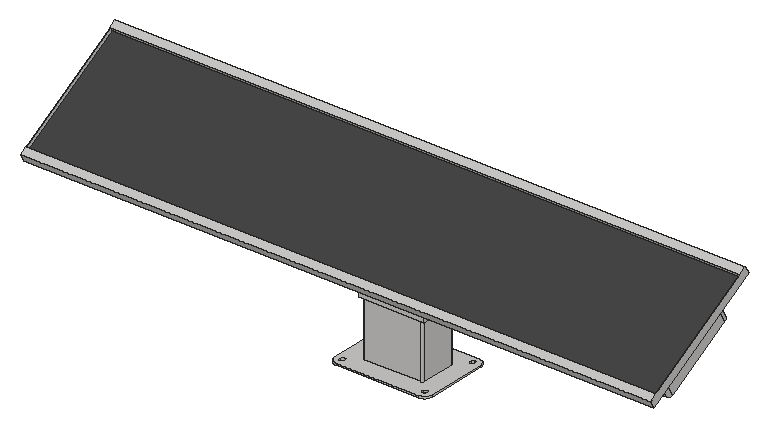
Revit family "Heater-Bromic-Platinum-Electric-Wall-Mounted_EU_ALL_2323", category Mechanical Equipment, host Face, Revit 2020
Family settings
  Host = Face
  Round Connector Dimension = Use Diameter
  Classification = None
  Part Type = Normal
  OmniClass Number = 23.75.10.14
  OmniClass Title = Independent Electric Heating Units
  Cut with Voids When Loaded = Yes
  Shared = No
  Room Calculation Point = No
Parameters (values of type "Platinum Electric - 2300W - 220V-240V - Black - Wall Mounted")
  calcWidth = if(Heater Type Selector = 1, 182.118 mm, if(Heater Type Selector = 2, 182.118 mm, 256.54 mm))  # 182.118 mm
  calcSuspendedHeight [instance] = 245 mm  # constant formula
  calcLength = if(Heater Type Selector = 1, 839.978 mm, if(Heater Type Selector = 2, 1275.08 mm, 1351.28 mm))  # 839.978 mm
  calcDepth = 54 mm  # constant formula
  Width = 177.8 mm  # constant formula
  Weight = if(Heater Type Selector = 1, 7.484 kg, if(Heater Type Selector = 2, 9.979 kg, 9.979 kg))  # 7.484 kg
  Wattage = if(Heater Type Selector = 1, 2300 W, if(Heater Type Selector = 2, 3400 W, 4500 W))  # 2300 W
  Voltage = 230 V  # constant formula
  Utility = no
  URL = "https://www.bromic.co.uk/product/platinum-smart-heat-electric/"
  ProductCode = "BH0320004"
  Product data url = "https://www.bimobject.com/bromic-heating/product/platinum-smart-heat-electric"
  Power Factor = 1
  Number of Poles = 1
  Mounting Type Info [instance] = "Wall Mounted - Angle Mount"  # constant formula
  Material = Metal-Steel-Stainless-Bromic
  Masking_2 = no
  Masking_1 = yes
  Load Sub-Classification Motor = no
  Load Classification = Power
  Length = if(Heater Type Selector = 2, 1275.08 mm, 838.2 mm)  # 838.2 mm
  Heater Type Selector = 1
  Screen Material = Ceramic-Tinted-Bromic-Black
  Show Clearance [instance] = no
  Model = "Platinum Smart-Heat™ Electric"  # constant formula
  Manufacturer = "Bromic Heating"  # constant formula
  Head Clearance = 152.4 mm  # constant formula
  Frequency = 50 Hz  # constant formula
  Floor Clearance = 1828.8 mm  # constant formula
  End Clearance = 304.8 mm  # constant formula
  Description = "The Platinum Smart-Heat™ Electric excels in efficiency, packing profound performance into a sleek package to suit high-end, style-centric settings. Designed specifically with low-clearance, semi-enclosed and aesthetically-focused spaces in mind, this heater minimizes light emission to blend seamlessly into rooflines with the aid of recess kits or stylishly mount to a number of other surfaces."  # constant formula
  Depth = 50.8 mm  # constant formula
  Default Elevation = 1219.2 mm
  Connector Description = ""
  Approximate Heat Area = if(Heater Type Selector = 1, 6.00 m², if(Heater Type Selector = 2, 10.00 m², 12.00 m²))  # 6.00 m²
  Apparent Load = if(Heater Type Selector = 1, 2300 VA, if(Heater Type Selector = 2, 3400 VA, 4500 VA))  # 2300 VA
  Angle [instance] = 60.00°  # constant formula
Types (6, lengths in mm): name | calcWidth | calcLength | Weight | Wattage | ProductCode | Masking_2 | Masking_1 | Length | Heater Type Selector | Screen Material | Approximate Heat Area | Apparent Load
  Platinum Electric - 4500W - 220V-240V - White - Wall Mounted | 256.54 | 1351.28 | 9.979 kg | 4500 W | "BH3622001" | yes | no | 838.2 | 3 | Ceramic-Tinted-Bromic-White | 12.00 m² | 4500 VA
  Platinum Electric - 4500W - 220V-240V - Black - Wall Mounted | 256.54 | 1351.28 | 9.979 kg | 4500 W | "BH3622000" | yes | no | 838.2 | 3 | Ceramic-Tinted-Bromic-Black | 12.00 m² | 4500 VA
  Platinum Electric - 3400W - 220V-240V - White - Wall Mounted | 182.118 | 1275.08 | 9.979 kg | 3400 W | "BH0320010" | no | yes | 1275.08 | 2 | Ceramic-Tinted-Bromic-White | 10.00 m² | 3400 VA
  Platinum Electric - 3400W - 220V-240V - Black - Wall Mounted | 182.118 | 1275.08 | 9.979 kg | 3400 W | "BH0320006" | no | yes | 1275.08 | 2 | Ceramic-Tinted-Bromic-Black | 10.00 m² | 3400 VA
  Platinum Electric - 2300W - 220V-240V - White - Wall Mounted | 182.118 | 839.978 | 7.484 kg | 2300 W | "BH0320009" | no | yes | 838.2 | 1 | Ceramic-Tinted-Bromic-White | 6.00 m² | 2300 VA
  Platinum Electric - 2300W - 220V-240V - Black - Wall Mounted | 182.118 | 839.978 | 7.484 kg | 2300 W | "BH0320004" | no | yes | 838.2 | 1 | Ceramic-Tinted-Bromic-Black | 6.00 m² | 2300 VA
Reference planes
  plane 1 "Center (Front/Back)": y = 0
  plane 2: z = 0
  plane 3 "Center (Left/Right)": x = 0
  plane 4: z = 189
  plane 5: z = 245
  plane 6: x = -419.989
  plane 7: x = -724.789
  plane 8: x = 419.989
  plane 9: x = 724.789
  plane 10: y = 91.059
  plane 11: y = -91.059
  plane 12: y = 195.4
  plane 13: y = -1950.8
  plane 14: z = 2
  plane 15: z = 119.963
  plane 16: z = 191
  plane 17: x = -434.989
  plane 18: x = 434.989
  plane 19: y = -14.6
  plane 20: z = 153
  plane 21: y = 43
  plane 22: y = -122
Forms (mm)
  Extrusion 1, solid, material "Metal-Steel-Stainless-Bromic" <- "Material", detail levels coarse+medium
    sketch origin (0, 0, 0) x (1, 0, 0) y (0, 1, 0)
      loop
        arc (-65, -40) -> (-62.071, -47.071) -> (-55, -50) r 10
        line (-55, -50) -> (55, -50)
        arc (55, -50) -> (62.071, -47.071) -> (65, -40) r 10
        line (65, -40) -> (65, 40)
        arc (65, 40) -> (62.071, 47.071) -> (55, 50) r 10
        line (55, 50) -> (-55, 50)
        arc (-55, 50) -> (-62.071, 47.071) -> (-65, 40) r 10
        line (-65, 40) -> (-65, -40)
    from 0 to 2
  Extrusion 2, solid, material "Metal-Steel-Stainless-Bromic" <- "Material", detail levels fine
    sketch origin (0, 0, 0) x (1, 0, 0) y (0, 1, 0)
      loop
        arc (-65, -40) -> (-62.071, -47.071) -> (-55, -50) r 10
        line (-55, -50) -> (55, -50)
        arc (55, -50) -> (62.071, -47.071) -> (65, -40) r 10
        line (65, -40) -> (65, 40)
        arc (65, 40) -> (62.071, 47.071) -> (55, 50) r 10
        line (55, 50) -> (-55, 50)
        arc (-55, 50) -> (-62.071, 47.071) -> (-65, 40) r 10
        line (-65, 40) -> (-65, -40)
      loop
        circle (-55, -40) r 3.25
      loop
        circle (55, -40) r 3.25
      loop
        circle (55, 40) r 3.25
      loop
        circle (-55, 40) r 3.25
    from 0 to 2
  Extrusion 3, solid, material "Metal-Steel-Stainless-Bromic" <- "Material"
    sketch origin (0, 0, -30.5) x (0, 1, 0) y (0, 0, 1)
      loop
        line (27, 105.5) -> (27, 161.447) -> (8.051, 194.268) -> (-35.251, 169.268) -> (-27, 154.977) -> (-27, 105.5) -> (27, 105.5)
    from -43 to 43
  Extrusion 4, solid, material "Metal-Steel-Stainless-Bromic" <- "Material"
    sketch origin (0, 64.8, 0) x (1, 0, 0) y (0, 1, 0)
      loop
        line (-40, -41.8) -> (-40, -86.8)
        arc (-40, -86.8) -> (-39.121, -88.921) -> (-37, -89.8) r 3
        line (-37, -89.8) -> (37, -89.8)
        arc (37, -89.8) -> (39.121, -88.921) -> (40, -86.8) r 3
        line (40, -86.8) -> (40, -41.8)
        arc (40, -41.8) -> (39.414, -40.386) -> (38, -39.8) r 2
        line (38, -39.8) -> (-38, -39.8)
        arc (-38, -39.8) -> (-39.414, -40.386) -> (-40, -41.8) r 2
    from 2 to 75
  Extrusion 5, solid, material "Metal-Steel-Stainless-Bromic" <- "Material"
    sketch origin (0, 0, 0) x (0, 1, 0) y (0, 0, 1)
      loop
        line (25.371, 173.768) -> (24.371, 175.5) -> (-53.571, 130.5) -> (-52.571, 128.768) -> (25.371, 173.768)
    from -70 to 70
Lines and regions (mm)
  Masking region 1, visible <- "Masking_1"
    outline origin (0, 0, 0) x (1, 0, 0) y (0, 0, 1)
      loop
        line (419.989, 235.769) -> (419.989, 245.295) -> (-419.989, 245.295) -> (-419.989, 235.769) -> (419.989, 235.769)
  Masking region 2, visible <- "Masking_1"
    outline origin (0, 0, 0) x (1, 0, 0) y (0, 0, 1)
      loop
        spline (394.989, 180.53) -> (395.642, 180.508) -> (396.283, 180.444) -> (396.902, 180.339) -> (397.489, 180.195) -> (398.033, 180.013) -> (398.525, 179.797) -> (398.956, 179.551) -> (399.319, 179.28) -> (399.608, 178.986) -> (399.819, 178.677) -> (399.946, 178.356) -> (399.989, 178.03)
        line (399.989, 178.03) -> (399.989, 215.269)
        spline (399.989, 215.269) -> (399.946, 215.595) -> (399.819, 215.916) -> (399.608, 216.225) -> (399.319, 216.519) -> (398.956, 216.79) -> (398.525, 217.036) -> (398.033, 217.252) -> (397.489, 217.434) -> (396.902, 217.578) -> (396.283, 217.683) -> (395.642, 217.747) -> (394.989, 217.769)
        line (394.989, 217.769) -> (-394.989, 217.769)
        spline (-394.989, 217.769) -> (-395.642, 217.747) -> (-396.283, 217.683) -> (-396.902, 217.578) -> (-397.489, 217.434) -> (-398.033, 217.252) -> (-398.525, 217.036) -> (-398.956, 216.79) -> (-399.319, 216.519) -> (-399.608, 216.225) -> (-399.819, 215.916) -> (-399.946, 215.595) -> (-399.989, 215.269)
        line (-399.989, 215.269) -> (-399.989, 178.03)
        spline (-399.989, 178.03) -> (-399.946, 178.356) -> (-399.819, 178.677) -> (-399.608, 178.986) -> (-399.319, 179.28) -> (-398.956, 179.551) -> (-398.525, 179.797) -> (-398.033, 180.013) -> (-397.489, 180.195) -> (-396.902, 180.339) -> (-396.283, 180.444) -> (-395.642, 180.508) -> (-394.989, 180.53)
        line (-394.989, 180.53) -> (394.989, 180.53)
  Masking region 3, visible <- "Masking_1"
    outline origin (0, 0, 0) x (1, 0, 0) y (0, 0, 1)
      loop
        line (399.989, 215.512) -> (399.989, 144.71) -> (419.989, 144.71) -> (419.989, 235.769) -> (-419.989, 235.769) -> (-419.989, 144.71) -> (-400.094, 144.71) -> (-400.094, 215.324)
        arc (-400.094, 215.324) -> (-398.348, 217.145) -> (-395.904, 217.769) r 4.592
        line (-395.904, 217.769) -> (395.904, 217.769)
        arc (395.904, 217.769) -> (398.255, 217.198) -> (399.989, 215.512) r 4.592
  Masking region 4
    outline origin (0, 0, 0) x (1, 0, 0) y (0, 0, 1)
      loop
        line (40, 2) -> (40, 75) -> (43, 75) -> (43, 128.768) -> (70, 128.768) -> (70, 175.5) -> (-70, 175.5) -> (-70, 128.768) -> (-43, 128.768) -> (-43, 75) -> (-40, 75) -> (-40, 2) -> (-65, 2) -> (-65, 0) -> (65, 0) -> (65, 2) -> (40, 2)
  Masking region 5, visible <- "Masking_1"
    outline origin (0, 0, 0) x (1, 0, 0) y (0, 0, 1)
      loop
        line (399.989, 127.971) -> (399.989, 178.273)
        arc (399.989, 178.273) -> (398.255, 179.959) -> (395.904, 180.53) r 4.592
        line (395.904, 180.53) -> (-395.904, 180.53)
        arc (-395.904, 180.53) -> (-398.255, 179.959) -> (-399.989, 178.273) r 4.592
        line (-399.989, 178.273) -> (-399.989, 127.971)
        spline (-399.989, 127.971) -> (-399.946, 127.644) -> (-399.819, 127.323) -> (-399.608, 127.014) -> (-399.319, 126.721) -> (-398.956, 126.449) -> (-398.525, 126.203) -> (-398.033, 125.987) -> (-397.489, 125.805) -> (-396.902, 125.661) -> (-396.283, 125.556) -> (-395.642, 125.492) -> (-394.989, 125.471)
        line (-394.989, 125.471) -> (-43, 125.471) -> (-43, 128.768) -> (-70, 128.768) -> (-70, 175.5) -> (70, 175.5) -> (70, 128.768) -> (43, 128.768) -> (43, 125.471) -> (394.989, 125.471)
        spline (394.989, 125.471) -> (395.642, 125.492) -> (396.283, 125.556) -> (396.902, 125.661) -> (397.489, 125.805) -> (398.033, 125.987) -> (398.525, 126.203) -> (398.956, 126.449) -> (399.319, 126.721) -> (399.608, 127.014) -> (399.819, 127.323) -> (399.946, 127.644) -> (399.989, 127.971)
  Masking region 6, visible <- "Masking_2"
    outline origin (0, 0, 0) x (1, 0, 0) y (0, 0, 1)
      loop
        line (419.989, 254.374) -> (419.989, 263.9) -> (-419.989, 263.9) -> (-419.989, 254.374) -> (419.989, 254.374)
  Masking region 7, visible <- "Masking_2"
    outline origin (0, 0, 18.606) x (1, 0, 0) y (0, 0, 1)
      loop
        spline (394.989, 180.53) -> (395.642, 180.508) -> (396.283, 180.444) -> (396.902, 180.339) -> (397.489, 180.195) -> (398.033, 180.013) -> (398.525, 179.797) -> (398.956, 179.551) -> (399.319, 179.28) -> (399.608, 178.986) -> (399.819, 178.677) -> (399.946, 178.356) -> (399.989, 178.03)
        line (399.989, 178.03) -> (399.989, 215.269)
        spline (399.989, 215.269) -> (399.946, 215.595) -> (399.819, 215.916) -> (399.608, 216.225) -> (399.319, 216.519) -> (398.956, 216.79) -> (398.525, 217.036) -> (398.033, 217.252) -> (397.489, 217.434) -> (396.902, 217.578) -> (396.283, 217.683) -> (395.642, 217.747) -> (394.989, 217.769)
        line (394.989, 217.769) -> (-394.989, 217.769)
        spline (-394.989, 217.769) -> (-395.642, 217.747) -> (-396.283, 217.683) -> (-396.902, 217.578) -> (-397.489, 217.434) -> (-398.033, 217.252) -> (-398.525, 217.036) -> (-398.956, 216.79) -> (-399.319, 216.519) -> (-399.608, 216.225) -> (-399.819, 215.916) -> (-399.946, 215.595) -> (-399.989, 215.269)
        line (-399.989, 215.269) -> (-399.989, 178.03)
        spline (-399.989, 178.03) -> (-399.946, 178.356) -> (-399.819, 178.677) -> (-399.608, 178.986) -> (-399.319, 179.28) -> (-398.956, 179.551) -> (-398.525, 179.797) -> (-398.033, 180.013) -> (-397.489, 180.195) -> (-396.902, 180.339) -> (-396.283, 180.444) -> (-395.642, 180.508) -> (-394.989, 180.53)
        line (-394.989, 180.53) -> (394.989, 180.53)
  Masking region 8, visible <- "Masking_2"
    outline origin (0, 0, 18.605) x (1, 0, 0) y (0, 0, 1)
      loop
        line (399.989, 215.512) -> (399.989, 107.499) -> (419.989, 107.499) -> (419.989, 235.769) -> (-419.989, 235.769) -> (-419.989, 107.499) -> (-400.094, 107.499) -> (-400.094, 215.324)
        arc (-400.094, 215.324) -> (-398.348, 217.145) -> (-395.904, 217.769) r 4.592
        line (-395.904, 217.769) -> (395.904, 217.769)
        arc (395.904, 217.769) -> (398.255, 217.198) -> (399.989, 215.512) r 4.592
  Masking region 9, visible <- "Masking_2"
    outline origin (0, 0, 0) x (1, 0, 0) y (0, 0, 1)
      loop
        line (399.989, 109.365) -> (399.989, 196.878)
        arc (399.989, 196.878) -> (398.255, 198.564) -> (395.904, 199.135) r 4.592
        line (395.904, 199.135) -> (-395.904, 199.135)
        arc (-395.904, 199.135) -> (-398.255, 198.564) -> (-399.989, 196.878) r 4.592
        line (-399.989, 196.878) -> (-399.989, 109.365)
        spline (-399.989, 109.365) -> (-399.946, 109.039) -> (-399.819, 108.718) -> (-399.608, 108.408) -> (-399.319, 108.115) -> (-398.956, 107.843) -> (-398.525, 107.597) -> (-398.033, 107.382) -> (-397.489, 107.2) -> (-396.902, 107.055) -> (-396.283, 106.95) -> (-395.642, 106.886) -> (-394.989, 106.865)
        line (-394.989, 106.865) -> (-43, 106.865) -> (-43, 128.768) -> (-70, 128.768) -> (-70, 175.5) -> (70, 175.5) -> (70, 128.768) -> (43, 128.768) -> (43, 106.865) -> (394.989, 106.865)
        spline (394.989, 106.865) -> (395.642, 106.886) -> (396.283, 106.95) -> (396.902, 107.055) -> (397.489, 107.2) -> (398.033, 107.382) -> (398.525, 107.597) -> (398.956, 107.843) -> (399.319, 108.115) -> (399.608, 108.408) -> (399.819, 108.718) -> (399.946, 109.039) -> (399.989, 109.365)
  reference lines
    curve 1: line (0, -14.6, 153) -> (0, -9.791, 144.67)
    curve 2: line (0, -14.6, 153) -> (0, -9.363, 156.023)
  symbolic lines
    curve 3: line (40, 0, 2) -> (-40, 0, 2)
    curve 4: line (40, 0, 75) -> (-40, 0, 75)
    curve 5: line (-43, 0, 130.947) -> (-43, 0, 163.768)
    curve 6: line (-43, 0, 163.768) -> (43, 0, 163.768)
    curve 7: line (43, 0, 163.768) -> (43, 0, 130.947)
    curve 8: line (70, 0, 173.768) -> (-70, 0, 173.768)
    curve 9: line (43, 0, 130.947) -> (-43, 0, 130.947)
    curve 10: line (43, 0, 130.947) -> (43, 0, 128.768)
    curve 11: line (-43, 0, 130.947) -> (-43, 0, 128.768)
Dimensions and locks
  equal spacing: plane 8, plane 3 "Center (Left/Right)", plane 6
  "calcLength": plane 8 to plane 6
  "End Clearance": plane 6 to plane 7
  "End Clearance": plane 9 to plane 8
  equal spacing: plane 11, plane 1 "Center (Front/Back)", plane 10
  "calcWidth": plane 11 to plane 10
  "Head Clearance": plane 21 to plane 12
  "Floor Clearance": plane 13 to plane 22
  locked: plane 2 to plane 14 at 2
  plane 15 to plane 4 to plane 16 to plane 5 = 69.038 mm locked, 2 mm locked, 54 mm
  "calcSuspendedHeight": plane 2 to plane 5
  locked: plane 17 to plane 6 at 15
  locked: plane 8 to plane 18 at 15
  locked: plane 1 "Center (Front/Back)" to plane 19 at 14.6
  locked: plane 16 to plane 20 at 38
  Extrusion 3 sketch curve to Extrusion 3 sketch curve to Extrusion 3 sketch curve to Extrusion 3 sketch curve to Extrusion 3 sketch curve to plane 16 = 49.477 mm locked, 6.469 mm locked, 7.821 mm locked, 25 mm locked, 27.232 mm locked
  Extrusion 4 sketch curve to plane 1 "Center (Front/Back)" to Extrusion 4 sketch curve = 25 mm locked, 25 mm locked
  Extrusion 2 sketch curve to plane 1 "Center (Front/Back)" to Extrusion 2 sketch curve = 50 mm locked, 50 mm locked
  Extrusion 2 sketch curve to plane 3 "Center (Left/Right)" to Extrusion 2 sketch curve = 65 mm locked, 65 mm locked
  Extrusion 1 sketch curve to plane 1 "Center (Front/Back)" to Extrusion 1 sketch curve = 50 mm locked, 50 mm locked
  Extrusion 1 sketch curve to plane 3 "Center (Left/Right)" to Extrusion 1 sketch curve = 65 mm locked, 65 mm locked
  locked: plane 21 to plane 1 "Center (Front/Back)" at 43
  locked: plane 21 to plane 22 at 165
  locked: Extrusion 5 sketch curve to Extrusion 3 at 20  (x2)
  locked: Extrusion 5 sketch curve to Extrusion 5 sketch curve at 2
  "Angle": angle plane 2 to curve 1
  locked: curve 2 to curve 1 (angle 90.00°)
  locked: Extrusion 5 sketch curve to Extrusion 5 sketch curve (angle 90.00°)  (x3)
  aligned and locked: plane 2 to host face
  aligned and locked: level to host face
  aligned and locked: plane 2 to nested 2
  aligned and locked: nested 2 to plane 7
  aligned and locked: plane 9 to nested 2
  aligned and locked: nested 2 to plane 12
  aligned and locked: nested 2 to plane 13
  aligned and locked: Extrusion 2 to plane 14
  aligned and locked: Extrusion 1 to plane 14
  aligned and locked: Extrusion 2 to plane 2
  aligned and locked: Extrusion 1 to plane 2
  aligned and locked: plane 19 to curve 1
  aligned and locked: nested 1 to curve 1
  aligned and locked: nested 1 to plane 3 "Center (Left/Right)"
  aligned and locked: plane 14 to Extrusion 4
  aligned and locked: Extrusion 4 to Extrusion 3
  aligned and locked: plane 20 to curve 2
  aligned and locked: Extrusion 5 sketch curve to Extrusion 3
  aligned and locked: nested 2 to plane 5
Automatic sketch dimensions
  host sketch curve to host sketch curve = 2438.4 mm  (x2)
  Extrusion 1 sketch curve to Extrusion 1 sketch curve = 10 mm  (x3)
  Extrusion 1 sketch curve to plane 1 "Center (Front/Back)" = 40 mm
  plane 3 "Center (Left/Right)" to Extrusion 2 sketch curve = 55 mm
  Extrusion 4 sketch curve to Extrusion 4 sketch curve = 2 mm  (x2)
  Extrusion 4 sketch curve to Extrusion 4 sketch curve = 3 mm  (x2)
  Extrusion 2 sketch curve to Extrusion 2 sketch curve = 0 mm  (x8)
  Extrusion 2 sketch curve to Extrusion 2 sketch curve = 10 mm  (x3)
  Extrusion 3 sketch curve to plane 19 = 20.651 mm
  Extrusion 3 sketch curve to Extrusion 3 sketch curve = 8.251 mm
  Extrusion 4 sketch curve to plane 3 "Center (Left/Right)" = 40 mm
  plane 3 "Center (Left/Right)" to Extrusion 4 sketch curve = 37 mm
  Masking region 1 sketch curve to plane 6 = 0 mm
  Masking region 1 sketch curve to plane 8 = 0 mm
  plane 5 to Masking region 1 sketch curve = 9.231 mm
  Masking region 1 sketch curve to plane 5 = 0.295 mm
  plane 6 to Masking region 2 sketch curve = 20 mm
  Masking region 2 sketch curve to Masking region 2 sketch curve = 5 mm  (x4)
  Masking region 2 sketch curve to plane 8 = 25 mm
  Masking region 2 sketch curve to plane 4 = 8.471 mm
  Masking region 2 sketch curve to Masking region 2 sketch curve = 2.5 mm  (x3)
  Masking region 2 sketch curve to plane 16 = 24.269 mm
  Masking region 2 sketch curve to plane 16 = 26.769 mm
  Masking region 3 sketch curve to plane 6 = 0 mm
  Masking region 3 sketch curve to plane 8 = 0 mm
  Masking region 3 sketch curve to plane 20 = 8.29 mm  (x2)
  Masking region 3 sketch curve to Masking region 3 sketch curve = 19.895 mm
  Masking region 3 sketch curve to Masking region 3 sketch curve = 4.06 mm
  Masking region 3 sketch curve to Masking region 3 sketch curve = 0.13 mm  (x2)
  Masking region 3 sketch curve to plane 8 = 24.085 mm
  Masking region 3 sketch curve to plane 16 = 22.179 mm  (x2)
  Masking region 3 sketch curve to Masking region 3 sketch curve = 2.145 mm
  plane 5 to Masking region 3 sketch curve = 9.231 mm
  Masking region 3 sketch curve to Masking region 3 sketch curve = 3.955 mm
  Masking region 4 sketch curve to level = 0 mm
  Masking region 4 sketch curve to plane 14 = 0 mm  (x2)
  Masking region 4 sketch curve to plane 15 = 8.805 mm  (x2)
  Masking region 4 sketch curve to plane 3 "Center (Left/Right)" = 70 mm
  Masking region 4 sketch curve to plane 3 "Center (Left/Right)" = 65 mm
  Masking region 4 sketch curve to Masking region 4 sketch curve = 27 mm  (x2)
  Masking region 4 sketch curve to Masking region 4 sketch curve = 3 mm  (x2)
  plane 3 "Center (Left/Right)" to Masking region 4 sketch curve = 43 mm
  plane 3 "Center (Left/Right)" to Masking region 4 sketch curve = 65 mm
  Masking region 4 sketch curve to plane 4 = 13.5 mm
  plane 15 to Masking region 4 sketch curve = 44.963 mm  (x2)
  curve 3 to plane 14 = 0 mm
  curve 9 to plane 15 = 10.984 mm
  curve 9 to plane 3 "Center (Left/Right)" = 43 mm
  plane 3 "Center (Left/Right)" to curve 9 = 43 mm
  plane 20 to curve 6 = 10.768 mm
  curve 8 to curve 5 = 27 mm
  curve 3 to plane 3 "Center (Left/Right)" = 40 mm
  curve 4 to plane 3 "Center (Left/Right)" = 40 mm
  plane 3 "Center (Left/Right)" to curve 3 = 40 mm
  plane 3 "Center (Left/Right)" to curve 4 = 40 mm
  curve 6 to curve 8 = 27 mm
  plane 15 to curve 4 = 44.963 mm
  curve 10 to curve 7 = 2.179 mm
  curve 11 to curve 5 = 2.179 mm
  curve 8 to plane 4 = 15.232 mm
  Masking region 5 sketch curve to plane 15 = 8.008 mm
  plane 6 to Masking region 5 sketch curve = 20 mm
  Masking region 5 sketch curve to Masking region 5 sketch curve = 3.955 mm
  Masking region 5 sketch curve to Masking region 5 sketch curve = 0.13 mm  (x2)
  Masking region 5 sketch curve to Masking region 5 sketch curve = 5 mm  (x2)
  Masking region 5 sketch curve to plane 4 = 13.5 mm
  Masking region 5 sketch curve to plane 3 "Center (Left/Right)" = 70 mm
  Masking region 5 sketch curve to plane 15 = 5.508 mm  (x2)
  Masking region 5 sketch curve to Masking region 5 sketch curve = 27 mm  (x2)
  plane 3 "Center (Left/Right)" to Masking region 5 sketch curve = 43 mm
  Masking region 5 sketch curve to plane 8 = 25 mm
  Masking region 5 sketch curve to plane 4 = 8.471 mm
  Masking region 5 sketch curve to plane 8 = 24.085 mm
  Masking region 5 sketch curve to Masking region 5 sketch curve = 2.5 mm
  Masking region 5 sketch curve to plane 15 = 8.805 mm
  Masking region 5 sketch curve to Masking region 5 sketch curve = 3.297 mm
  Masking region 5 sketch curve to Masking region 5 sketch curve = 4.59 mm  (x2)
  plane 6 to Masking region 7 sketch curve = 20 mm
  Masking region 7 sketch curve to Masking region 7 sketch curve = 5 mm  (x3)
  Masking region 7 sketch curve to plane 8 = 25 mm  (x2)
  plane 5 to Masking region 7 sketch curve = 48.365 mm  (x2)
  Masking region 7 sketch curve to Masking region 7 sketch curve = 2.5 mm  (x2)
  Masking region 7 sketch curve to Masking region 7 sketch curve = 34.739 mm  (x2)
  plane 6 to Masking region 9 sketch curve = 20 mm
  Masking region 9 sketch curve to Masking region 9 sketch curve = 3.955 mm  (x2)
  Masking region 9 sketch curve to Masking region 9 sketch curve = 0.13 mm  (x2)
  Masking region 9 sketch curve to Masking region 9 sketch curve = 5 mm
  Masking region 9 sketch curve to plane 3 "Center (Left/Right)" = 70 mm
  Masking region 9 sketch curve to Masking region 9 sketch curve = 27 mm  (x2)
  plane 3 "Center (Left/Right)" to Masking region 9 sketch curve = 43 mm
  Masking region 9 sketch curve to plane 8 = 25 mm
  Masking region 9 sketch curve to plane 8 = 24.085 mm
  plane 5 to Masking region 9 sketch curve = 138.135 mm
  Masking region 9 sketch curve to Masking region 9 sketch curve = 0 mm
  Masking region 9 sketch curve to Masking region 9 sketch curve = 2.5 mm  (x2)
  Masking region 9 sketch curve to Masking region 9 sketch curve = 21.903 mm  (x2)
  Masking region 9 sketch curve to Masking region 9 sketch curve = 46.732 mm
  Masking region 9 sketch curve to Masking region 9 sketch curve = 85.18 mm  (x2)
  Masking region 9 sketch curve to Masking region 9 sketch curve = 2.333 mm
  Masking region 6 sketch curve to plane 6 = 0 mm
  Masking region 6 sketch curve to plane 8 = 0 mm
  Masking region 6 sketch curve to plane 5 = 9.374 mm
  Masking region 6 sketch curve to Masking region 6 sketch curve = 9.526 mm
  Masking region 8 sketch curve to plane 6 = 0 mm
  Masking region 8 sketch curve to plane 8 = 0 mm
  Masking region 8 sketch curve to plane 15 = 6.142 mm  (x2)
  Masking region 8 sketch curve to Masking region 8 sketch curve = 19.895 mm
  Masking region 8 sketch curve to Masking region 8 sketch curve = 4.06 mm
  Masking region 8 sketch curve to Masking region 8 sketch curve = 0.13 mm  (x2)
  plane 5 to Masking region 8 sketch curve = 8.626 mm
  Masking region 8 sketch curve to plane 8 = 24.085 mm
  Masking region 8 sketch curve to Masking region 8 sketch curve = 3.955 mm
  Masking region 8 sketch curve to Masking region 8 sketch curve = 4.59 mm  (x2)
  Masking region 8 sketch curve to plane 5 = 9.374 mm
  radius of Extrusion 2 sketch curve = 3.25 mm  (x4)
Nested families
  nested 1: "X-Heater-Electric-Bromic-Smart Heat-Platinum" at (0, -14.6, 153) x (-1, 0, 0) z (0, -0.5, 0.866), type "X-Heater-Electric-Bromic-Smart Heat-Platinum"
    with Width_ANZRS 182.118 mm, Length_ANZRS 839.978 mm
  nested 2: "Clearance Zone" at (0, -877.7, 0), visible <- "Show Clearance", type "Standard"
    with Width 1449.578 mm, Height 245 mm, Equipment Finish Clearance Zone, Depth 2146.2 mm
Connectors
  electrical at (0, -14.6, 153), driven by "Voltage", driven by "Apparent Load", driven by "Power Factor", driven by "Number of Poles", driven by "Load Classification", driven by "Load Sub-Classification Motor", driven by "Utility", driven by "Connector Description"
    settings: on nested 1, index 1, voltage 230 V, apparent load 2300 VA, apparent load phase1 0 VA, apparent load phase2 0 VA, apparent load phase3 0 VA, power factor 1, load classification "Power", number of poles 1, system type 30, power factor state 1, is connector primary yes, connector utility no, sub classification motor no, connector description ""
Definition of nested family "X-Heater-Electric-Bromic-Smart Heat-Platinum"
  Parameters (values of type "X-Heater-Electric-Bromic-Smart Heat-Platinum")
    Width_ANZRS = 182 mm
    Screen Material = none
    Material_ANZRS = none
    Length_ANZRS = 840 mm
    Depth_ANZRS = 54 mm
    Default Elevation = 1219.2 mm
  Reference planes
    plane 1 "Center (Front/Back)": y = 0
    plane 2: z = 0
    plane 3 "Center (Left/Right)": x = 0
    plane 4: x = -420
    plane 5: x = 420
    plane 6: y = 91
    plane 7: y = -91
    plane 8: z = 54
    plane 9: z = 43
    plane 10: z = 50
  Forms (mm)
    Extrusion 1, solid
      sketch origin (0, 0, 0) x (1, 0, 0) y (0, 1, 0)
        loop
          line (-1219.2, 1219.2) -> (-1219.2, -1219.2) -> (1219.2, -1219.2) -> (1219.2, 1219.2) -> (-1219.2, 1219.2)
      from 0 to -304.8
    Extrusion 2, solid, material <- "Material_ANZRS"
      sketch origin (0, 0, 0) x (1, 0, 0) y (0, 1, 0)
        loop
          arc (-395, 55) -> (-398.536, 53.536) -> (-400, 50) r 5
          line (-400, 50) -> (-400, -50)
          arc (-400, -50) -> (-398.536, -53.536) -> (-395, -55) r 5
          line (-395, -55) -> (395, -55)
          arc (395, -55) -> (398.536, -53.536) -> (400, -50) r 5
          line (400, -50) -> (400, 50)
          arc (400, 50) -> (398.536, 53.536) -> (395, 55) r 5
          line (395, 55) -> (-395, 55)
      from 0 to 43
    Extrusion 3, solid, material <- "Material_ANZRS"
      sketch origin (0, 0, 0) x (0, 1, 0) y (0, 0, 1)
        loop
          line (91, 54) -> (80.75, 54) -> (80.75, 44.5) -> (-80.75, 44.5) -> (-80.75, 54) -> (-91, 54) -> (-91, 43) -> (91, 43) -> (91, 54)
      from -420 to 420
    Extrusion 4, solid, material <- "Screen Material"
      sketch origin (0, 0, 0) x (1, 0, 0) y (0, 1, 0)
        loop
          line (-417, 80.75) -> (-417, -80.75) -> (417, -80.75) -> (417, 80.75) -> (-417, 80.75)
      from 44.5 to 50
    Extrusion 5, solid, material <- "Material_ANZRS"
      sketch origin (0, 0, 0) x (1, 0, 0) y (0, 0, 1)
        loop
          line (-420, 52) -> (-420, 44.5) -> (-419, 44.5) -> (-419, 52) -> (-420, 52)
        loop
          line (420, 52) -> (419, 52) -> (419, 44.5) -> (420, 44.5) -> (420, 52)
      from -80.75 to 80.75
  Cuts and joins
    joined: Extrusion 3, Extrusion 5
  Dimensions and locks
    equal spacing: plane 4, plane 3 "Center (Left/Right)", plane 5
    "Length_ANZRS": plane 4 to plane 5
    equal spacing: plane 7, plane 1 "Center (Front/Back)", plane 6
    "Width_ANZRS": plane 7 to plane 6
    "Depth_ANZRS": plane 8 to plane 2
    locked: plane 7 to Extrusion 2 sketch curve at 36
    locked: plane 4 to Extrusion 2 sketch curve at 20
    locked: Extrusion 2 sketch curve to plane 6 at 36
    locked: Extrusion 2 sketch curve to plane 5 at 20
    locked: plane 8 to plane 9 at 11
    locked: Extrusion 3 sketch curve to plane 7 at 10.25
    locked: plane 6 to Extrusion 3 sketch curve at 10.25
    locked: Extrusion 3 sketch curve to plane 9 at 1.5
    locked: plane 4 to Extrusion 4 sketch curve at 3
    locked: Extrusion 4 sketch curve to plane 5 at 3
    locked: plane 8 to plane 10 at 4
    locked: Extrusion 5 sketch curve to plane 10 at 2  (x2)
    locked: Extrusion 5 sketch curve to plane 4 at 1
    locked: plane 5 to Extrusion 5 sketch curve at 1
    aligned and locked: plane 2 to Extrusion 1
    aligned and locked: level to Extrusion 1
    aligned and locked: Extrusion 2 to plane 2
    aligned and locked: plane 9 to Extrusion 2
    aligned and locked: plane 7 to Extrusion 3 sketch curve
    aligned and locked: plane 9 to Extrusion 3 sketch curve
    aligned and locked: plane 8 to Extrusion 3 sketch curve
    aligned and locked: Extrusion 3 sketch curve to plane 8
    aligned and locked: plane 6 to Extrusion 3 sketch curve
    aligned and locked: plane 5 to Extrusion 3
    aligned and locked: Extrusion 3 to plane 4
    aligned and locked: Extrusion 3 to Extrusion 4 sketch curve  (x2)
    aligned and locked: Extrusion 4 to Extrusion 3
    aligned and locked: Extrusion 4 to plane 10
    aligned and locked: Extrusion 3 to Extrusion 5 sketch curve
    aligned and locked: plane 4 to Extrusion 5 sketch curve
    aligned and locked: plane 5 to Extrusion 5 sketch curve
    aligned and locked: Extrusion 5 sketch curve to Extrusion 3
    aligned and locked: Extrusion 5 to Extrusion 3  (x2)
  Automatic sketch dimensions
    Extrusion 1 sketch curve to Extrusion 1 sketch curve = 2438.4 mm  (x2)
    Extrusion 2 sketch curve to Extrusion 2 sketch curve = 5 mm  (x4)
Definition of nested family "Clearance Zone"
  Parameters (values of type "Standard")
    Width [instance] = 800 mm
    URL = ""
    Manufacturer = ""
    Height [instance] = 580 mm
    Equipment Finish [instance] = none
    Depth [instance] = 1400 mm
    Default Elevation = 0 mm
    Clearance Offset Top = 0 mm
    Clearance Offset Right = 0 mm
    Clearance Offset Left = 0 mm
    Clearance Offset Front = 0 mm
    Clearance Offset Bottom = 0 mm
    Clearance Offset Back = 0 mm
    Assembly Code = ""
  Reference planes
    plane 1 "Center (Front/Back)": y = 0
    plane 2 "Bottom": z = 0
    plane 3 "Center (Left/Right)": x = 0
    plane 4 "Left": x = -400
    plane 5 "Back": y = 700
    plane 6 "Right": x = 400
    plane 7 "Front": y = -700
    plane 8 "Top": z = 580
    plane 9 "Clearance Offset Right": x = 400
    plane 10 "Clearance Offset Left": x = -400
    plane 11 "Clearance Offset Back": y = 700
    plane 12 "Clearance Offset Front": y = -700
    plane 13 "Clearance Offset Top": z = 580
    plane 14: z = 0
  Forms (mm)
    Extrusion 1, solid, material <- "Equipment Finish"
      sketch origin (0, 0, 0) x (1, 0, 0) y (0, 1, 0)
        loop
          line (-400, 700) -> (-400, -700) -> (400, -700) -> (400, 700) -> (-400, 700)
      from 0 to 580
  Lines and regions (mm)
    symbolic lines
      curve 1: line (-400, 0, 580) -> (400, 0, 580)
      curve 2: line (-400, 0, 0) -> (-400, 0, 580)
      curve 3: line (400, 0, 0) -> (-400, 0, 0)
      curve 4: line (400, 0, 580) -> (400, 0, 0)
      curve 5: line (0, 700, 580) -> (0, -700, 580)
      curve 6: line (0, 700, 0) -> (0, 700, 580)
      curve 7: line (0, -700, 0) -> (0, 700, 0)
      curve 8: line (0, -700, 580) -> (0, -700, 0)
      curve 9: line (-400, 700, 0) -> (400, 700, 0)
      curve 10: line (-400, -700, 0) -> (-400, 700, 0)
      curve 11: line (400, -700, 0) -> (-400, -700, 0)
      curve 12: line (400, 700, 0) -> (400, -700, 0)
  Text (mm)
    text "Copyright © Daikin Industries, Ltd. 2008" at (0.011, 0.009, 0), in view "Ref. Level"
  Dimensions and locks
    equal spacing: plane 4 "Left", plane 3 "Center (Left/Right)", plane 6 "Right"
    "Width": plane 4 "Left" to plane 6 "Right"
    equal spacing: plane 5 "Back", plane 1 "Center (Front/Back)", plane 7 "Front"
    "Depth": plane 5 "Back" to plane 7 "Front"
    "Height": plane 8 "Top" to plane 2 "Bottom"
    "Clearance Offset Front": plane 12 "Clearance Offset Front" to plane 7 "Front"
    "Clearance Offset Back": plane 11 "Clearance Offset Back" to plane 5 "Back"
    "Clearance Offset Left": plane 10 "Clearance Offset Left" to plane 4 "Left"
    "Clearance Offset Right": plane 6 "Right" to plane 9 "Clearance Offset Right"
    "Clearance Offset Top": plane 13 "Clearance Offset Top" to plane 8 "Top"
    curve 3 to plane 14 = 0 mm
    "Clearance Offset Bottom": plane 2 "Bottom" to plane 14
    aligned and locked: plane 2 "Bottom" to level
    aligned and locked: plane 9 "Clearance Offset Right" to Extrusion 1 sketch curve
    aligned and locked: Extrusion 1 sketch curve to plane 11 "Clearance Offset Back"
    aligned and locked: plane 10 "Clearance Offset Left" to Extrusion 1 sketch curve
    aligned and locked: Extrusion 1 sketch curve to plane 12 "Clearance Offset Front"
    aligned and locked: curve 9 to Extrusion 1  (x2)
    aligned and locked: Extrusion 1 to curve 12
    aligned and locked: curve 12 to Extrusion 1
    aligned and locked: plane 13 "Clearance Offset Top" to Extrusion 1
    aligned and locked: Extrusion 1 to plane 14
    aligned and locked: Extrusion 1 to plane 10 "Clearance Offset Left"
    aligned and locked: Extrusion 1 to plane 9 "Clearance Offset Right"  (x2)
    aligned and locked: Extrusion 1 to plane 13 "Clearance Offset Top"  (x2)
    aligned and locked: plane 14 to Extrusion 1  (x2)
    aligned and locked: curve 1 to plane 13 "Clearance Offset Top"
    aligned and locked: plane 9 "Clearance Offset Right" to curve 4
    aligned and locked: plane 10 "Clearance Offset Left" to curve 2
    aligned and locked: plane 14 to curve 3
    aligned and locked: plane 10 "Clearance Offset Left" to Extrusion 1  (x2)
    aligned and locked: curve 8 to plane 12 "Clearance Offset Front"
    aligned and locked: curve 5 to plane 13 "Clearance Offset Top"
    aligned and locked: curve 6 to plane 11 "Clearance Offset Back"
    aligned and locked: plane 14 to curve 7
